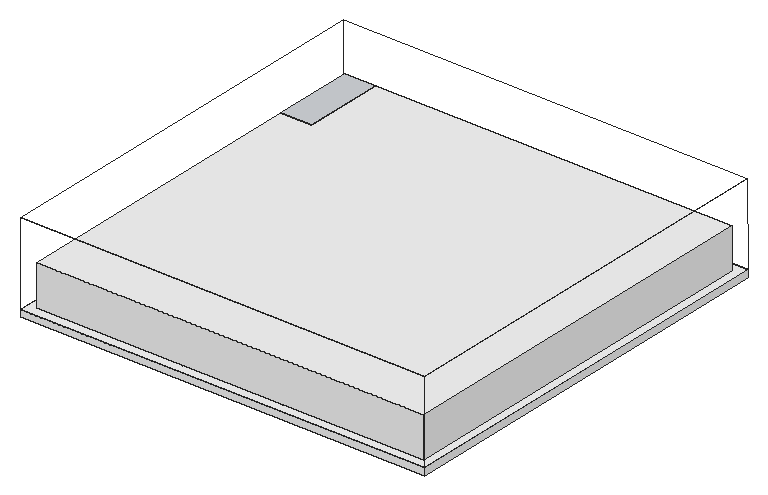
Revit family "Velios LED - Ceiling based", category Lighting Fixtures, host Ceiling, Revit 2014
Parameters (values of type "Velios LED 600x600 T/L")
  Wattage = 45 W
  WarrantyGuarantorParts = "n/a"
  WarrantyDurationParts = "n/a"
  WarrantyDescription = "n/a"
  built-in parameter 1150110 = 1 (stored number, unit not read)
  Version = "v.1.0"
  Uniclass2 = "Pr_70_70_49_43 Light-Emitting Diode (LED) Luminaires"
  Uniclass 1.4 = "JY73"
  TotalWattage = "Max. 38W / 50W"
  built-in parameter 1114217 = 1 (stored number, unit not read)
  Tilt Angle = 90.00°
  built-in parameter 1150109 = 1 (stored number, unit not read)
  built-in parameter 1150134 = 12
  TagNumber = "n/a"
  SustainabilityPerformance = "n/a"
  built-in parameter 1150113 = 1 (stored number, unit not read)
  SupplyCircuitConductorConnections = "n/a"
  Size = "600 x 600 mm"
  Shape = "Square"
  ProductInformation = "http://riegens.com/velios-led"
  PhotometricPerformance = "In accordance with BS EN 13032-1"
  Photometric Web File = "Velios LED 600x600 TL 45W 4000K LensC.ies"
  PhaseReference = "IEC recommendations"
  Optic = "Micro-prism lens"
  NominalVoltage = "220-240V"
  ModelReference = "Velios LED 600x600 T/L"
  Model = "Velios LED 600x600 T/L"
  Material = "Steel and Acrylic (PMMA)"
  ManufacturersSpecificInformation = "n/a"
  ManufacturerURL = "www.riegens.com"
  Manufacturer = "Riegens A/S"
  Lumens = 4500 lm
  LuminaireType = "Recessed Direct LED Luminaire"
  LuminairePowerFactor = ">0,9"
  built-in parameter 1150115 = 1 (stored number, unit not read)
  built-in parameter 1150105 = 358.1 (stored number, unit not read)
  LightSource = "LED 4000K"
  LightFixturePlacingType = "Ceiling"
  LightFixtureMountingType = "Recessed"
  built-in parameter 1150137 = (empty or 0)
  built-in parameter 1150139 = (empty or 0)
  LampType = "LED"
  LampRating = "34W / 35W / 45W"
  LampColourRenderingIndex = "Ra>80"
  built-in parameter 1150112 = 1 (stored number, unit not read)
  built-in parameter 1150114 = 1 (stored number, unit not read)
  InternalFuse = "Only required in emergency versions"
  InsulationStandardClass = "Class 1"
  built-in parameter 1150132 = (empty or 0)
  built-in parameter 1150102 = (empty or 0)
  built-in parameter 1150138 = (empty or 0)
  built-in parameter 1150107 = 4000 (stored number, unit not read)
  built-in parameter 1150106 = 3.581 (stored number, unit not read)
  IfcExportType = "'NOTDEFINED'"
  IfcExportAs = "'IfcLightFixtureType'"
  IP_Code = "IP20"
  Height 1 = 60 mm
  HasProtectiveEarth = "TRUE"
  Grade = "n/a"
  Glass Width = 140 mm
  Glass = Riegens_Glass_opal
  Frame Width = 595 mm
  Frame Thickness = 10 mm
  Frame Depth = 595 mm
  Frame = Riegens_Steel_Powder coated white RAL901025
  Finish = "Powder coated"
  Features = "n/a"
  built-in parameter 1150104 = 9.2903 (stored number, unit not read)
  Documentation = "See URL hyperlink"
  DocumentReference = "See URL hyperlink"
  Dimming Lamp Color Temperature Shift = <None>
  Description = "70-80-35 General Lighting Systems"
  ControlGearPosition = "Integrated "
  Constituents = "n/a"
  Color Filter = 16777215
  Color = "White"
  CodePerformance = "n/a"
  Clearance Zones Offset = 60 mm
  Clearance Zones = yes
  Cassette Width = 570 mm
  Cassette Depth = 567 mm
  Cassette = Riegens_Steel_Powder coated white RAL901025
  CCSTopnode = "L"
  CCSClassName = "Belysningsarmatur"
  CCSClassCode = "UAC"
  BarCode = "n/a"
  BallastsCELMAEnergyEfficiencyIndex = "Class A1/A2"
  built-in parameter 1114218 = 1 (stored number, unit not read)
  BSAB 96 = "SNB.2"
  BIMObjectName = "Velios LED 600x600 T/L.rfa"
  Author = "3dbyggeri"
  built-in parameter 1150133 = 10 (stored number, unit not read)
  AssetType = "Moveable/Fixed"
  AssetIdentifier = "n/a"
  ArticleNumber = "See URL hyperlink"
  Apparent Load = 240 VA
  AccessibilityPerformance = "n/a"
Types (4, lengths in mm): name | Wattage | TotalWattage | Size | Shape | Photometric Web File | ModelReference | Model | Lumens | built-in parameter 1150105 | LampRating | built-in parameter 1150106 | Glass Width | Frame Width | Frame Depth | built-in parameter 1150104 | Cassette Width | Cassette Depth | BIMObjectName
  Velios LED 300x300 T/L | 13 W | "Max. 15W" | "300 x 300 mm" | "Square" | "Velios LED 300x300 TL 13W 4000K LensC.ies" | "Velios LED 300x300 T/L" | "Velios LED 300x300 T/L" | 988 lm | 78.623 (stored number, unit not read) | "13W" | 0.78623 (stored number, unit not read) | 70 | 295 | 295 | 7.0606 (stored number, unit not read) | 270 | 283.7 | "Velios LED 300x300 T/L.rfa"
  Velios LED 1200x300 T/L | 45 W | "Max. 50W" | "1200 x 300 mm" | "Rectangle" | "Velios LED 300x1200 TL 45W 4000K LensC.ies" | "Velios LED 1200x300 T/L" | "Velios LED 1200x300 T/L" | 4365 lm | 347.36 (stored number, unit not read) | "45W / 47W" | 3.4736 (stored number, unit not read) | 70 | 295 | 1195 | 9.0116 (stored number, unit not read) | 270 | 1167 | "Velios LED 1200x300 T/L.rfa"
  Velios LED 600x600 T/L | 45 W | "Max. 38W / 50W" | "600 x 600 mm" | "Square" | "Velios LED 600x600 TL 45W 4000K LensC.ies" | "Velios LED 600x600 T/L" | "Velios LED 600x600 T/L" | 4500 lm | 358.1 (stored number, unit not read) | "34W / 35W / 45W" | 3.581 (stored number, unit not read) | 140 | 595 | 595 | 9.2903 (stored number, unit not read) | 570 | 567 | "Velios LED 600x600 T/L.rfa"
  Velios LED 1250x312,5 | 45 W | "Max. 50W" | "1250 x 312,5 mm" | "Rectangle" | "Velios LED 300x1200 TL 45W 4000K LensC.ies" | "Velios LED 1250x312,5 T/L" | "Velios LED 1250x312,5 T/L" | 4365 lm | 347.36 (stored number, unit not read) | "47W" | 3.4736 (stored number, unit not read) | 70 | 307 | 1245 | 9.0116 (stored number, unit not read) | 270 | 1167 | "Velios LED 1250x312,5 T/L.rfa"
Reference planes
  plane 1 "Light Source Axis (F/B)": y = 0
  plane 2: z = 0
  plane 3 "Light Source Axis (L/R)": x = 0
  plane 4 "Ceiling": z = 0
  plane 5 "Light Source Elevation": z = -2
  plane 6: x = 297.5
  plane 7: y = -297.5
  plane 8: x = -297.5
  plane 9: y = 297.5
  plane 10: x = 285
  plane 11: x = -285
  plane 12: y = 283.5
  plane 13: y = -283.5
  plane 14: z = 10
  plane 15: z = 70
  plane 16: x = 78
  plane 17: x = 70
  plane 18: x = 87
  plane 19: x = -70
  plane 20: x = -78
  plane 21: x = -87
  plane 22: y = 282.5
  plane 23: y = -282.5
  plane 24: x = -375.948
  plane 25: x = -363.528
  plane 26: x = -350.448
  plane 27: y = -597.5
  plane 28: z = 130
Forms (mm)
  Extrusion 1, solid, material "Riegens_Steel_Powder coated white RAL901025" <- "Frame"
    sketch origin (0, 0, 0) x (0, 1, 0) y (-1, 0, 0)
      loop
        line (297.5, 297.5) -> (-297.5, 297.5) -> (-297.5, -297.5) -> (297.5, -297.5) -> (297.5, 297.5)
      loop
        line (283.5, -78) -> (-283.5, -78) -> (-283.5, -285) -> (283.5, -285) -> (283.5, -78)
      loop
        line (283.5, 70) -> (-283.5, 70) -> (-283.5, -70) -> (283.5, -70) -> (283.5, 70)
      loop
        line (283.5, 285) -> (-283.5, 285) -> (-283.5, 78) -> (283.5, 78) -> (283.5, 285)
    from 0 to 10
  Extrusion 2, solid, material "Riegens_Steel_Powder coated white RAL901025" <- "Cassette"
    sketch origin (0, 0, 0) x (1, 0, 0) y (0, 0, 1)
      loop
        line (285, 10) -> (285, 70) -> (-285, 70) -> (-285, 10) -> (285, 10)
    from -283.5 to 283.5
  Extrusion 3, solid, material "Clearance Zones"
    sketch origin (0, 0, 0) x (0, 1, 0) y (-1, 0, 0)
      loop
        line (297.5, 297.5) -> (-297.5, 297.5) -> (-297.5, -297.5) -> (297.5, -297.5) -> (297.5, 297.5)
    from 10 to 130
  Extrusion 4, solid
    sketch origin (0, 0, 0) x (0, 1, 0) y (-1, 0, 0)
      loop
        line (283.5, 285) -> (165.766, 285) -> (165.766, 240) -> (283.5, 240) -> (283.5, 285)
    from 45.107 to 70
  Extrusion 5, solid, material "Riegens_Glass_opal"
    sketch origin (0, 0, 0) x (1, 0, 0) y (0, 0, 1)
      loop
        line (-285, 0) -> (-78, 8.049) -> (78, 8.049) -> (285, 0) -> (285, 1.951) -> (78, 10) -> (-78, 10) -> (-285, 1.951) -> (-285, 0)
    from -283.5 to 283.5
Lines and regions (mm)
  Opening 1
    outline origin (0, 0, 0) x (1, 0, 0) y (0, 1, 0)
      loop
        line (-297.5, 297.5) -> (-297.5, -297.5) -> (297.5, -297.5) -> (297.5, 297.5) -> (-297.5, 297.5)
Dimensions and locks
  equal spacing: host sketch curve, plane 3 "Light Source Axis (L/R)", host sketch curve
  equal spacing: host sketch curve, plane 1 "Light Source Axis (F/B)", host sketch curve
  host sketch curve to host sketch curve = 4000 mm  (x2)
  locked: plane 4 "Ceiling" to host ceiling at 0
  equal spacing: plane 8, plane 3 "Light Source Axis (L/R)", plane 6
  "Frame Width": plane 8 to plane 6
  "Frame Depth": plane 9 to plane 7
  equal spacing: plane 9, plane 1 "Light Source Axis (F/B)", plane 7
  "Cassette Depth": plane 13 to plane 12
  "Cassette Width": plane 11 to plane 10
  equal spacing: plane 11, plane 3 "Light Source Axis (L/R)", plane 10
  equal spacing: plane 13, plane 1 "Light Source Axis (F/B)", plane 12
  "Frame Thickness": plane 4 "Ceiling" to plane 14
  "Height 1": plane 14 to plane 15
  locked: plane 22 to plane 9 at 15
  locked: plane 7 to plane 23 at 15
  locked: plane 18 to plane 17 at 17
  locked: plane 19 to plane 21 at 17
  locked: plane 19 to plane 20 at 8
  locked: plane 16 to plane 17 at 8
  "Glass Width": plane 17 to plane 19
  equal spacing: plane 17, plane 3 "Light Source Axis (L/R)", plane 19
  locked: plane 5 "Light Source Elevation" to plane 4 "Ceiling" at 2
  "Clearance Zones Offset": plane 15 to plane 28
  aligned and locked: plane 5 "Light Source Elevation" to imposter light
  aligned and locked: Opening 1 sketch curve to plane 6
  aligned and locked: Opening 1 sketch curve to plane 9
  aligned and locked: Opening 1 sketch curve to plane 7
  aligned and locked: Opening 1 sketch curve to plane 8
  aligned and locked: Extrusion 1 sketch curve to plane 6
  aligned and locked: Extrusion 1 sketch curve to plane 8
  aligned and locked: Extrusion 1 sketch curve to plane 7
  aligned and locked: Extrusion 1 sketch curve to plane 9
  aligned and locked: plane 4 "Ceiling" to Extrusion 1
  aligned and locked: plane 14 to Extrusion 1
  aligned and locked: plane 14 to Extrusion 2 sketch curve
  aligned and locked: Extrusion 2 sketch curve to plane 11
  aligned and locked: plane 15 to Extrusion 2 sketch curve
  aligned and locked: Extrusion 2 sketch curve to plane 10
  aligned and locked: plane 12 to Extrusion 2
  aligned and locked: plane 13 to Extrusion 2
  aligned and locked: Extrusion 1 sketch curve to plane 11
  aligned and locked: Extrusion 1 sketch curve to plane 12  (x3)
  aligned and locked: Extrusion 1 sketch curve to plane 13  (x3)
  aligned and locked: Extrusion 1 sketch curve to plane 17
  aligned and locked: plane 19 to Extrusion 1 sketch curve
  aligned and locked: plane 16 to Extrusion 1 sketch curve
  aligned and locked: Extrusion 1 sketch curve to plane 20
  aligned and locked: Extrusion 1 sketch curve to plane 10
  aligned and locked: imposter light to plane 3 "Light Source Axis (L/R)"
  aligned and locked: imposter light to plane 1 "Light Source Axis (F/B)"
  aligned and locked: Extrusion 3 sketch curve to plane 6
  aligned and locked: Extrusion 3 sketch curve to plane 9
  aligned and locked: Extrusion 3 sketch curve to plane 8
  aligned and locked: Extrusion 3 sketch curve to plane 7
  aligned and locked: Extrusion 3 to plane 28
  aligned and locked: Extrusion 4 sketch curve to plane 11
  aligned and locked: Extrusion 4 sketch curve to plane 12
  aligned and locked: Extrusion 4 to plane 15
  aligned and locked: plane 12 to Extrusion 5
  aligned and locked: plane 13 to Extrusion 5
  aligned and locked: plane 11 to Extrusion 5
  aligned and locked: plane 10 to Extrusion 5
  aligned and locked: Extrusion 3 to plane 14
Automatic sketch dimensions
  plane 22 to Extrusion 4 sketch curve = 116.734 mm
  Extrusion 4 sketch curve to plane 11 = 45 mm
  Extrusion 5 sketch curve to plane 4 "Ceiling" = 0 mm  (x2)
  plane 11 to Extrusion 5 sketch curve = 0 mm
  Extrusion 5 sketch curve to plane 14 = 0 mm
  Extrusion 5 sketch curve to plane 20 = 0 mm  (x2)
  Extrusion 5 sketch curve to plane 16 = 0 mm  (x2)
  Extrusion 5 sketch curve to plane 10 = 0 mm
  Extrusion 5 sketch curve to Extrusion 5 sketch curve = 1.951 mm  (x2)
  Extrusion 5 sketch curve to plane 14 = 1.951 mm
Connectors
  electrical at (-262.5, 224.633, 70)
    settings: on Extrusion 4, index 1, voltage 0 V, apparent load 0 VA, apparent load phase1 0 VA, apparent load phase2 0 VA, apparent load phase3 0 VA, power factor 1, load classification "Other", number of poles 1, system type 31, power factor state 1, is connector primary yes, connector utility no, sub classification motor no, connector description ""
